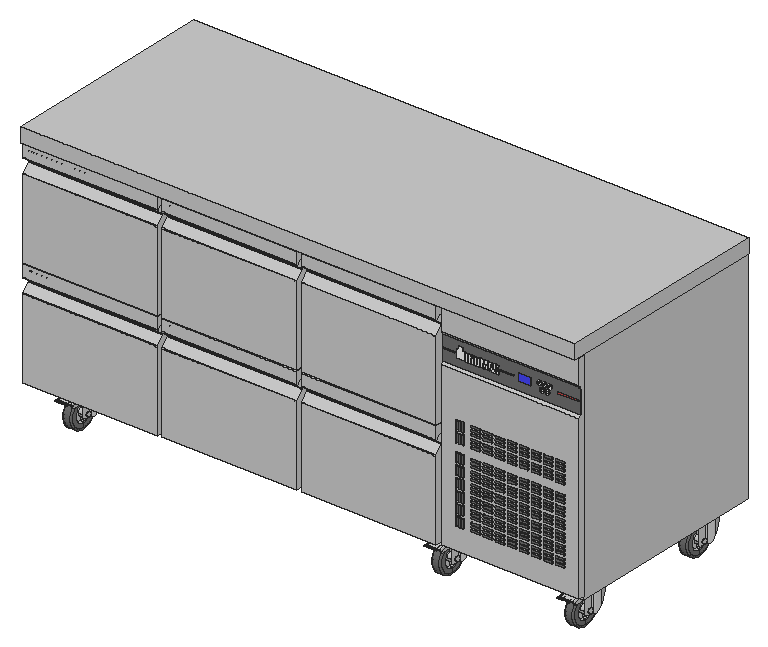
Revit family "QF_INOMAK_PNRP999_250513020157", category Specialty Equipment, Revit 2021 (continued)
Definition of nested family "QF_INOMAK_REF_COUNTERS_WORKTOPS_35390"
  Definition of nested family "Worktop"
    Forms (mm)
      Extrusion 2, solid, material <- "Finish", visible <- "Worktop without backsplash"
        sketch origin (0, 0, 0) x (0, 1, 0) y (0, 0, 1)
          loop
            line (0, 860) -> (0, 900) -> (-700, 900) -> (-700, 860) -> (0, 860)
        from 0 to 1200
    Lines and regions (mm)
      Masking region 1, visible <- "Worktop with backsplash"
        outline origin (0, 0, 900) x (0, 1, 0) y (-1, 0, 0)
          loop
            line (0, 0) -> (-700, 0) -> (-700, -1200) -> (0, -1200) -> (0, 0)
      Masking region 2, visible <- "Worktop without backsplash"
        outline origin (0, 0, 900) x (0, 1, 0) y (-1, 0, 0)
          loop
            line (0, 0) -> (-700, 0) -> (-700, -1200) -> (0, -1200) -> (0, 0)
      symbolic lines, visible <- "Worktop with backsplash"
        curve 1: line (0, 0, 0) -> (1200, 0, 0)
        curve 2: line (1200, 0, 0) -> (1200, -700, 0)
        curve 3: line (1200, -700, 0) -> (0, -700, 0)
        curve 4: line (0, -700, 0) -> (0, 0, 0)
        curve 5: line (0, -20, 0) -> (1200, -20, 0)
      symbolic lines, visible <- "Worktop without backsplash"
        curve 6: line (0, 0, 0) -> (1200, 0, 0)
        curve 7: line (1200, 0, 0) -> (1200, -700, 0)
        curve 8: line (1200, -700, 0) -> (0, -700, 0)
        curve 9: line (0, -700, 0) -> (0, 0, 0)
      symbolic lines, visible <- "Without worktop"
        curve 10: line (0, 0, 0) -> (1200, 0, 0)
        curve 11: line (1200, 0, 0) -> (1200, -700, 0)
        curve 12: line (1200, -700, 0) -> (0, -700, 0)
        curve 13: line (0, -700, 0) -> (0, 0, 0)
      reference lines
        curve 14: line (600, 0, 1000) -> (600, -20, 1000)
        curve 15: line (0, -700, 900) -> (1200, -700, 900)
        curve 16: line (1200, -700, 900) -> (1200, 0, 900)
        curve 17: line (0, -700, 900) -> (0, 0, 900)
        curve 18: line (0, 0, 900) -> (1200, 0, 900)
        curve 19: line (600, 0, 860) -> (600, -700, 860)
    Dimensions and locks
      "Length Actual": plane 3 "Left" to plane 4 "Right"
      "Depth Actual": plane 5 "Front" to plane 1 "Back"
      "Backsplash thickness": plane 7 "Backsplash thickness" to plane 1 "Back"
      "Worktop thickness": plane 6 "Top" to plane 8 "Worktop bottom"
      "Backsplash height": plane 9 "Upright height" to plane 6 "Top"
      "Backsplash height": curve 14 to plane 6 "Top"
      "Depth Actual": curve 15 to plane 1 "Back"
      "Length Actual": plane 3 "Left" to curve 16
      "Length Actual": curve 17 to plane 4 "Right"
      "Depth Actual": curve 18 to plane 5 "Front"
      equal spacing: plane 3 "Left", plane 10 "Center Left Right", plane 4 "Right"
      "Height AFF": plane 8 "Worktop bottom" to plane 2
      "Height AFF": curve 19 to plane 2
      aligned and locked: level to plane 2
      aligned and locked: Extrusion 1 to plane 4 "Right"
      aligned and locked: Extrusion 1 sketch curve to plane 7 "Backsplash thickness"
      aligned and locked: curve 5 to plane 7 "Backsplash thickness"
      aligned and locked: Extrusion 1 sketch curve to plane 8 "Worktop bottom"
      aligned and locked: plane 9 "Upright height" to Extrusion 1 sketch curve
      aligned and locked: plane 6 "Top" to Extrusion 1 sketch curve
      aligned and locked: plane 6 "Top" to Extrusion 2 sketch curve
      aligned and locked: Extrusion 2 sketch curve to plane 1 "Back"
      aligned and locked: Extrusion 2 sketch curve to plane 8 "Worktop bottom"
      aligned and locked: Extrusion 2 sketch curve to plane 5 "Front"
      aligned and locked: Extrusion 2 to plane 4 "Right"
      aligned and locked: Masking region 1 sketch curve to Extrusion 1  (x4)
      aligned and locked: Masking region 2 sketch curve to Extrusion 1  (x4)
    Automatic sketch dimensions
      plane 1 "Back" to curve 1 = 0 mm
      curve 13 to plane 3 "Left" = 0 mm
      curve 7 to plane 4 "Right" = 0 mm
      curve 13 to plane 5 "Front" = 0 mm
      Extrusion 1 sketch curve to plane 1 "Back" = 0 mm
      Extrusion 1 sketch curve to plane 5 "Front" = 0 mm
      curve 19 to plane 1 "Back" = 0 mm
      curve 14 to plane 1 "Back" = 0 mm
      curve 14 to plane 7 "Backsplash thickness" = 0 mm
      curve 19 to plane 5 "Front" = 0 mm
      curve 16 to plane 5 "Front" = 0 mm
      curve 17 to plane 5 "Front" = 0 mm
      plane 1 "Back" to curve 17 = 0 mm
      plane 1 "Back" to curve 16 = 0 mm
      curve 15 to plane 4 "Right" = 0 mm
      curve 18 to plane 4 "Right" = 0 mm
      curve 18 to plane 3 "Left" = 0 mm
      curve 15 to plane 3 "Left" = 0 mm
Definition of nested family "QF_INOMAK_REF_COUNTERS_CASTORS_37217"
  Parameters (values of type "CT-2240-600")
    Weight [instance] = 0.00 kg
    Warranty Start Date [instance] = ""
    Warranty Duration [instance] = ""
    URL Cutsheet [instance] = ""
    URL = "www.inomak.com"
    Technical Documentation [instance] = ""
    Tag Number [instance] = ""
    Status [instance] = ""
    Specification by User [instance] = ""
    Specification by Manufacturer [instance] = ""
    Sound Level [instance] = ""
    Solid Fuel Type [instance] = ""
    Show Logo [instance] = yes
    Show Clearances [instance] = yes
    Service Life Duration [instance] = ""
    Serial Number [instance] = ""
    Seismic Rating [instance] = ""
    SMACNA No [instance] = ""
    Right offset = 70 mm
    Revision Code [instance] = ""
    Revision [instance] = ""
    Rear offset = 90 mm
    Production Year [instance] = ""
    Point Load [instance] = 0
    Other Equipment Approvals [instance] = ""
    NAFEM Spec ID Number [instance] = ""
    Model Warning [instance] = ""
    Model = "CT"
    Masterspec [instance] = ""
    Manufacturer = "INOMAK"
    Length Actual [instance] = 0 mm
    Length = 2242 mm
    Left offset = 100 mm
    Item Number [instance] = ""
    Installed By [instance] = ""
    Installation Date [instance] = ""
    Identify Quantity as Lot [instance] = yes
    ID [instance] = ""
    Hygiene Approval [instance] = ""
    Height Actual [instance] = 0 mm
    Height = 130 mm
    Furnished By [instance] = ""
    Front offset = 150 mm
    Foodservice Equipment Identifier [instance] = yes
    ETL Approved [instance] = yes
    Description = "WHEELS"
    Depth Actual [instance] = 0 mm
    Depth = 600 mm
    Default Elevation = 0 mm
    CentralLegs = if(Length > 2000 mm, 2 > 1, 2 < 1)  # yes
    CSI MasterFormat [instance] = ""
    CE Approved [instance] = yes
    Barcode [instance] = ""
    Author [instance] = ""
    Asset Identifier [instance] = ""
    Assembly Code = "E1090320"
    Accessory [instance] = yes
  Types (6, lengths in mm): name | Length | Depth | CentralLegs
    CT-2240-700 | 2242 | 700 | yes
    CT-1790-700 | 1792 | 700 | no
    CT-1345-700 | 1342 | 700 | no
    CT-1345-600 | 1342 | 600 | no
    CT-1790-600 | 1792 | 600 | no
    CT-2240-600 | 2242 | 600 | yes
  Reference planes
    plane 1 "Back": y = 0
    plane 2: z = 0
    plane 3 "Left": x = 0
    plane 4 "Right": x = 2242
    plane 5 "Front": y = -600
    plane 6 "Top": z = 130
    plane 7 "Left offset": x = 100
    plane 8 "Right offset": x = 2172
    plane 9 "Rear offset": y = -90
    plane 10 "Front offset": y = -450
    plane 11 "Central": x = 921
    plane 12: x = 1742
  Dimensions and locks
    "Length": plane 3 "Left" to plane 4 "Right"
    "Depth": plane 5 "Front" to plane 1 "Back"
    "Left offset": plane 3 "Left" to plane 7 "Left offset"
    "Right offset": plane 8 "Right offset" to plane 4 "Right"
    "Rear offset": plane 9 "Rear offset" to plane 1 "Back"
    "Front offset": plane 10 "Front offset" to plane 5 "Front"
    equal spacing: plane 7 "Left offset", plane 11 "Central", plane 12
    locked: plane 12 to plane 8 "Right offset" at 430
    plane 6 "Top" to level = 130 mm
    aligned and locked: level to plane 2
    aligned and locked: nested 1 to plane 7 "Left offset"
    aligned and locked: nested 1 to plane 10 "Front offset"
    aligned and locked: nested 2 to plane 11 "Central"
    aligned and locked: nested 2 to plane 10 "Front offset"
    aligned and locked: nested 3 to plane 12
    aligned and locked: nested 3 to plane 10 "Front offset"
    aligned and locked: nested 4 to plane 8 "Right offset"
    aligned and locked: nested 4 to plane 10 "Front offset"
    aligned and locked: nested 5 to plane 7 "Left offset"
    aligned and locked: nested 5 to plane 9 "Rear offset"
    aligned and locked: nested 6 to plane 12
    aligned and locked: nested 6 to plane 9 "Rear offset"
    aligned and locked: nested 7 to plane 8 "Right offset"
    aligned and locked: nested 7 to plane 9 "Rear offset"
  Nested families
    nested 1: "QF_INOMAK_CASTOR_BRAKES" at (100, -450, 0), type "QF_INOMAK_CASTOR_BRAKES"
    nested 2: "QF_INOMAK_CASTOR_BRAKES" at (921, -450, 0), visible <- "CentralLegs", type "QF_INOMAK_CASTOR_BRAKES"
    nested 3: "QF_INOMAK_CASTOR_BRAKES" at (1742, -450, 0), type "QF_INOMAK_CASTOR_BRAKES"
    nested 4: "QF_INOMAK_CASTOR_BRAKES" at (2172, -450, 0), type "QF_INOMAK_CASTOR_BRAKES"
    nested 5: "QF_INOMAK_CASTOR" at (100, -90, 0), type "QF_INOMAK_CASTOR"
    nested 6: "QF_INOMAK_CASTOR" at (1742, -90, 0), type "QF_INOMAK_CASTOR"
    nested 7: "QF_INOMAK_CASTOR" at (2172, -90, 0), type "QF_INOMAK_CASTOR"
  Definition of nested family "QF_INOMAK_CASTOR_BRAKES"
    Parameters (values of type "QF_INOMAK_CASTOR_BRAKES")
      Default Elevation = 0 mm
    Reference planes
      plane 1 "Center (Front/Back)": y = 0
      plane 2: z = 0
      plane 3 "Center (Left/Right)": x = 0
    Forms (mm)
      Extrusion 1, solid
        sketch origin (-55, 171.5, 124.5) x (1, 0, 0) y (0, 1, 0)
          loop
            line (12.5, -214) -> (97.5, -214)
            arc (97.5, -214) -> (104.571, -211.071) -> (107.5, -204) r 10
            line (107.5, -204) -> (107.5, -139)
            arc (107.5, -139) -> (104.571, -131.929) -> (97.5, -129) r 10
            line (97.5, -129) -> (12.5, -129)
            arc (12.5, -129) -> (5.429, -131.929) -> (2.5, -139) r 10
            line (2.5, -139) -> (2.5, -204)
            arc (2.5, -204) -> (5.429, -211.071) -> (12.5, -214) r 10
        from 0 to 5.5
      Extrusion 2, solid
        sketch origin (-55, 146, 24.5) x (1, 0, 0) y (0, 1, 0)
          loop
            circle (55, -146) r 36
          loop
            circle (55, -146) r 34
        from 12 to 100
      Extrusion 3, void
        sketch origin (-37.5, 146, -28.526) x (0, 1, 0) y (0, 0, 1)
          loop
            line (-105, 63.026) -> (-105, 139.692) -> (-158.75, 68.026)
            arc (-158.75, 68.026) -> (-160.956, 66.036) -> (-163.75, 65.026) r 7.727
            line (-163.75, 65.026) -> (-175, 65.026) -> (-175, 136.026) -> (-182, 136.026) -> (-182, 63.026) -> (-105, 63.026)
        from 0 to 75
      Revolve 4, solid
        sketch origin (0, -37.5, -3.552) x (1, 0, 0) y (0, 0, 1)
          loop
            arc (10, 3.552) -> (13.536, 5.016) -> (15, 8.552) r 5
            line (15, 8.552) -> (15, 22.052) -> (-15, 22.052) -> (-15, 8.552)
            arc (-15, 8.552) -> (-13.536, 5.016) -> (-10, 3.552) r 5
            line (-10, 3.552) -> (10, 3.552)
          axis (-15, 53.552) -> (15, 53.552)
        angle from 0 to 360
      Extrusion 5, solid
        sketch origin (-21.466, 171.5, -31.526) x (0, 1, 0) y (0, 0, 1)
          loop
            line (-200.5, 68.026) -> (-200.5, 139.026) -> (-222.5, 139.026) -> (-267.507, 126.05)
            arc (-267.507, 126.05) -> (-264.51, 121.7) -> (-259.5, 120.026) r 8.333
            line (-259.5, 120.026) -> (-224.5, 120.026) -> (-224.5, 76.026)
            arc (-224.5, 76.026) -> (-222.157, 70.369) -> (-216.5, 68.026) r 8
            line (-216.5, 68.026) -> (-200.5, 68.026)
        from -3.534 to -1.534
      Extrusion 6, solid
        sketch origin (-34, 171.5, -14) x (0, 1, 0) y (0, 0, 1)
          loop
            circle (-209, 64) r 12.5
        from 11 to 57
      Revolve 7, solid
        sketch origin (-55, -37.5, -3.552) x (1, 0, 0) y (0, 0, 1)
          loop
            arc (65, 22.052) -> (61.464, 23.516) -> (60, 27.052) r 5
            line (60, 27.052) -> (60, 53.526) -> (50, 53.526) -> (50, 27.052)
            arc (50, 27.052) -> (48.536, 23.516) -> (45, 22.052) r 5
            line (45, 22.052) -> (65, 22.052)
          axis (45, 53.526) -> (65, 53.526)
        angle from 0 to 360
      Extrusion 8, solid
        sketch origin (21.466, 171.5, -31.526) x (0, 1, 0) y (0, 0, -1)
          loop
            line (-200.5, -68.026) -> (-216.5, -68.026)
            arc (-216.5, -68.026) -> (-222.157, -70.369) -> (-224.5, -76.026) r 8
            line (-224.5, -76.026) -> (-224.5, -120.026) -> (-259.5, -120.026)
            arc (-259.5, -120.026) -> (-264.51, -121.7) -> (-267.507, -126.05) r 8.333
            line (-267.507, -126.05) -> (-222.5, -139.026) -> (-200.5, -139.026) -> (-200.5, -68.026)
        from -3.534 to -1.534
      Extrusion 9, solid
        sketch origin (250, -359.196, -27.974) x (1, 0, 0) y (0, 1, 0)
          loop
            line (-275, 330.196) -> (-273, 330.196)
            arc (-273, 330.196) -> (-273.274, 332.754) -> (-274.083, 335.196) r 12.082
            line (-274.083, 335.196) -> (-276.833, 335.196)
            arc (-276.833, 335.196) -> (-275.473, 332.858) -> (-275, 330.196) r 7.737
        from 64.474 to 135.474
      Extrusion 10, solid
        sketch origin (-250, -359.196, -27.974) x (-1, 0, 0) y (0, -1, 0)
          loop
            arc (-275, -330.196) -> (-275.473, -332.858) -> (-276.833, -335.196) r 7.737
            line (-276.833, -335.196) -> (-274.083, -335.196)
            arc (-274.083, -335.196) -> (-273.274, -332.754) -> (-273, -330.196) r 12.082
            line (-273, -330.196) -> (-275, -330.196)
        from 64.474 to 135.474
      Sweep 11, solid
        path origin (0, -359.196, -27.974) x (0, 1, 0) y (0, 0, 1)
          loop
            line (338.196, 135.474) -> (308.196, 135.474) -> (263.189, 122.499)
        profile origin (0, -36, 107.5) x (0, 0, -1) y (1, 0, 0)
          loop
            arc (-4, -21) -> (-2.828, -23.828) -> (0, -25) r 4
            line (0, -25) -> (0, -23)
            arc (0, -23) -> (-1.414, -22.414) -> (-2, -21) r 2
            line (-2, -21) -> (-2, 21)
            arc (-2, 21) -> (-1.414, 22.414) -> (0, 23) r 2
            line (0, 23) -> (0, 25)
            arc (0, 25) -> (-2.828, 23.828) -> (-4, 21) r 4
            line (-4, 21) -> (-4, -21)
      Extrusion 12, solid
        sketch origin (-15, -620.032, 471.611) x (1, 0, 0) y (0, 0.809942, -0.58651)
          loop
            line (0, 640.696) -> (0, 622.696) -> (6, 617.696) -> (24, 617.696) -> (30, 622.696) -> (30, 640.696) -> (0, 640.696)
        from 0 to 2
      Extrusion 13, solid
        sketch origin (-10, -688.801, 95.837) x (0, 1, 0) y (0, 0, 1)
          loop
            line (587.696, 0) -> (592.196, -3.259)
            arc (592.196, -3.259) -> (593.446, -3.664) -> (594.696, -3.259) r 2.131
            line (594.696, -3.259) -> (604.172, 4.031) -> (598.943, 2.532) -> (594.631, -0.785)
            arc (594.631, -0.785) -> (593.44, -1.2) -> (592.238, -0.82) r 2
            line (592.238, -0.82) -> (588.869, 1.62) -> (587.696, 0)
        from 0 to 20
      Extrusion 14, solid
        sketch origin (-31, -958.08, 50) x (0, 1, 0) y (0, 0, 1)
          loop
            line (924.33, -6.495) -> (928.08, 0) -> (924.33, 6.495) -> (916.83, 6.495) -> (913.08, 0) -> (916.83, -6.495) -> (924.33, -6.495)
        from 0 to 62
    Cuts and joins
      Extrusion 3 cuts Extrusion 2
      Extrusion 3 cuts Extrusion 9
      Extrusion 3 cuts Extrusion 10
    Dimensions and locks
      aligned and locked: level to plane 2
  Definition of nested family "QF_INOMAK_CASTOR"
    Parameters (values of type "QF_INOMAK_CASTOR")
      Default Elevation = 0 mm
    Reference planes
      plane 1 "Center (Front/Back)": y = 0
      plane 2: z = 0
      plane 3 "Center (Left/Right)": x = 0
    Forms (mm)
      Extrusion 1, solid
        sketch origin (-55, 171.5, 124.5) x (1, 0, 0) y (0, 1, 0)
          loop
            line (12.5, -214) -> (97.5, -214)
            arc (97.5, -214) -> (104.571, -211.071) -> (107.5, -204) r 10
            line (107.5, -204) -> (107.5, -139)
            arc (107.5, -139) -> (104.571, -131.929) -> (97.5, -129) r 10
            line (97.5, -129) -> (12.5, -129)
            arc (12.5, -129) -> (5.429, -131.929) -> (2.5, -139) r 10
            line (2.5, -139) -> (2.5, -204)
            arc (2.5, -204) -> (5.429, -211.071) -> (12.5, -214) r 10
        from 0 to 5.5
      Extrusion 2, solid
        sketch origin (-55, 146, 24.5) x (1, 0, 0) y (0, 1, 0)
          loop
            circle (55, -146) r 36
          loop
            circle (55, -146) r 34
        from 12 to 100
      Extrusion 3, void
        sketch origin (-37.5, 146, -28.526) x (0, 1, 0) y (0, 0, 1)
          loop
            line (-105, 63.026) -> (-105, 139.692) -> (-158.75, 68.026)
            arc (-158.75, 68.026) -> (-160.956, 66.036) -> (-163.75, 65.026) r 7.727
            line (-163.75, 65.026) -> (-175, 65.026) -> (-175, 136.026) -> (-182, 136.026) -> (-182, 63.026) -> (-105, 63.026)
        from 0 to 75
      Revolve 4, solid
        sketch origin (0, -37.5, -3.552) x (1, 0, 0) y (0, 0, 1)
          loop
            arc (10, 3.552) -> (13.536, 5.016) -> (15, 8.552) r 5
            line (15, 8.552) -> (15, 22.052) -> (-15, 22.052) -> (-15, 8.552)
            arc (-15, 8.552) -> (-13.536, 5.016) -> (-10, 3.552) r 5
            line (-10, 3.552) -> (10, 3.552)
          axis (-15, 53.552) -> (15, 53.552)
        angle from 0 to 360
      Extrusion 5, solid
        sketch origin (-21.466, 171.5, -31.526) x (0, 1, 0) y (0, 0, 1)
          loop
            line (-200.5, 68.026) -> (-200.5, 139.026) -> (-224.5, 139.026) -> (-224.5, 76.026)
            arc (-224.5, 76.026) -> (-222.157, 70.369) -> (-216.5, 68.026) r 8
            line (-216.5, 68.026) -> (-200.5, 68.026)
        from -3.534 to -1.534
      Extrusion 6, solid
        sketch origin (-34, 171.5, -14) x (0, 1, 0) y (0, 0, 1)
          loop
            circle (-209, 64) r 12.5
        from 11 to 57
      Revolve 7, solid
        sketch origin (-55, -37.5, -3.552) x (1, 0, 0) y (0, 0, 1)
          loop
            arc (65, 22.052) -> (61.464, 23.516) -> (60, 27.052) r 5
            line (60, 27.052) -> (60, 53.526) -> (50, 53.526) -> (50, 27.052)
            arc (50, 27.052) -> (48.536, 23.516) -> (45, 22.052) r 5
            line (45, 22.052) -> (65, 22.052)
          axis (45, 53.526) -> (65, 53.526)
        angle from 0 to 360
      Extrusion 8, solid
        sketch origin (21.466, 171.5, -31.526) x (0, 1, 0) y (0, 0, -1)
          loop
            line (-200.5, -68.026) -> (-216.5, -68.026)
            arc (-216.5, -68.026) -> (-222.157, -70.369) -> (-224.5, -76.026) r 8
            line (-224.5, -76.026) -> (-224.5, -139.026) -> (-200.5, -139.026) -> (-200.5, -68.026)
        from -3.534 to -1.534
      Extrusion 9, solid
        sketch origin (250, -359.196, -27.974) x (1, 0, 0) y (0, 1, 0)
          loop
            line (-275, 330.196) -> (-273, 330.196)
            arc (-273, 330.196) -> (-273.274, 332.754) -> (-274.083, 335.196) r 12.082
            line (-274.083, 335.196) -> (-276.833, 335.196)
            arc (-276.833, 335.196) -> (-275.473, 332.858) -> (-275, 330.196) r 7.737
        from 64.474 to 135.474
      Extrusion 10, solid
        sketch origin (-250, -359.196, -27.974) x (-1, 0, 0) y (0, -1, 0)
          loop
            arc (-275, -330.196) -> (-275.473, -332.858) -> (-276.833, -335.196) r 7.737
            line (-276.833, -335.196) -> (-274.083, -335.196)
            arc (-274.083, -335.196) -> (-273.274, -332.754) -> (-273, -330.196) r 12.082
            line (-273, -330.196) -> (-275, -330.196)
        from 64.474 to 135.474
      Sweep 11, solid
        path origin (0, -359.196, -27.974) x (0, 1, 0) y (0, 0, 1)
          loop
            line (338.196, 135.474) -> (306.196, 135.474)
        profile origin (0, -37, 107.5) x (0, 0, -1) y (1, 0, 0)
          loop
            arc (-4, -21) -> (-2.828, -23.828) -> (0, -25) r 4
            line (0, -25) -> (0, -23)
            arc (0, -23) -> (-1.414, -22.414) -> (-2, -21) r 2
            line (-2, -21) -> (-2, 21)
            arc (-2, 21) -> (-1.414, 22.414) -> (0, 23) r 2
            line (0, 23) -> (0, 25)
            arc (0, 25) -> (-2.828, 23.828) -> (-4, 21) r 4
            line (-4, 21) -> (-4, -21)
      Extrusion 12, solid
        sketch origin (-31, -958.08, 50) x (0, 1, 0) y (0, 0, 1)
          loop
            line (924.33, -6.495) -> (928.08, 0) -> (924.33, 6.495) -> (916.83, 6.495) -> (913.08, 0) -> (916.83, -6.495) -> (924.33, -6.495)
        from 0 to 62
    Cuts and joins
      Extrusion 3 cuts Extrusion 2
      Extrusion 3 cuts Extrusion 9
      Extrusion 3 cuts Extrusion 10
    Dimensions and locks
      aligned and locked: level to plane 2
Definition of nested family "CONN_POINT_ELE_2D___Generic_Annotation"
  Parameters (values of type "CONN_POINT_ELE_2D___Generic_Annotation")
    Onboard connection annotation symbol visibility [instance] = yes
  Reference planes
    plane 1: y = 0
    plane 2: x = 0
  Lines and regions (mm)
    detail lines, visible <- "Onboard connection annotation symbol visibility"
      curve 1: circle (0, 0, 0) r 0.5 normal (0, 0, 1)
      curve 2: line (-1, 0, 0) -> (1, 0, 0)
      curve 3: line (0, 1, 0) -> (0, -1, 0)
      curve 4: line (2.5, 1, 0) -> (1.25, 1, 0)
      curve 5: line (1.25, 1, 0) -> (1.25, -1, 0)
      curve 6: line (1.25, -1, 0) -> (2.5, -1, 0)
      curve 7: line (1.25, 0, 0) -> (2, 0, 0)
